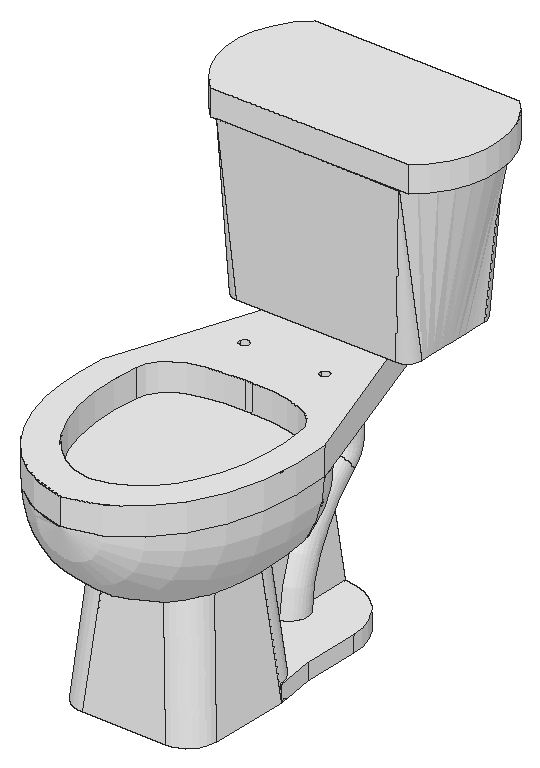
Revit family "toilet-floor_mount-zurn-z5551-k", category Plumbing Fixtures, host Face, Revit 2022
Family settings
  Host = Face
  Round Connector Dimension = Use Radius
  Part Type = Normal
  OmniClass Number = 23.45.05.21.11.11
  OmniClass Title = Water Operated Water Closets
  Cut with Voids When Loaded = No
  Maintain Annotation Orientation = No
  Shared = No
  Room Calculation Point = No
Parameters (values of type "Z5551-K (Elongated, Siphon Jet Toilet)")
  Width of Tank = 18.000"  # constant formula
  Width of Bowl = 14.750"  # constant formula
  Width of ( Bowl + Tank) = 29.063"  # constant formula
  Water Sense Compliance = 1 = 0  # no
  Waste Connection = 1 = 1  # yes
  WFU = 0  # constant formula
  Vent Connection = 1 = 0  # no
  URL = "https://www.zurn.com/"
  Shipping Weight (lbs) = 92  # constant formula
  Repair Parts URL = "https://files.zurn.com/care-cleaning-install-warranty-sheets/cbf23.pdf#page=3"
  Product data URL = "https://www.bimobject.com/zurnindustries/product/Z5551-K"
  Product Page URL = "https://www.zurn.com/products/finish-plumbing/fixtures/water-closets/z5551-k"
  Product Installation Sheet URL = "https://files.zurn.com/care-cleaning-install-warranty-sheets/cbf23.pdf"
  Product Documentation Link = "https://files.zurn.com/spec-sheets/ss-z5551-k.pdf"
  Sanitary Outlet  Pipe Radius (inch) = 1.500"
  Modified Date = "01/09/2026"  # constant formula
  Model = "Z5551-K"  # constant formula
  Manufacturer Brand = "Zurn"  # constant formula
  Manufacturer = "Zurn Water, LLC"  # constant formula
  Main Material = Vitreous China - Zurn - White
  Length of Tank = 8.500"  # constant formula
  Height of Tank = 13.406"  # constant formula
  Height of Bowl = 16.719"  # constant formula
  Height of ( Bowl + Tank) = 30.125"  # constant formula
  HWFU = 0  # constant formula
  HW Connection = 1 = 0  # no
  Flush Rate (GPF) = "1.6"  # constant formula
  Fixture Mounting Method = "Floor Mounted"  # constant formula
  Description = "1.6 gpf  ADA Height, Elongated, Elongated Jet Toilet "  # constant formula
  Default Elevation = 48.000"
  Date Created = "01/09/2026"  # constant formula
  CWFU = 0  # constant formula
  CW Connection = 1 = 0  # no
  Assembly Code = "D2010.60"
  ADA Compliance = 1 = 1  # yes
Reference planes (in)
  plane 1 "Center (Front/Back)": y = 0
  plane 2: z = 0
  plane 3 "Center (Left/Right)": x = 0
  plane 4: x = -9
  plane 5: x = 9
  plane 6: y = 10.5
  plane 7: y = 2
  plane 8: z = 16.71875
  plane 9: z = 30.125
  plane 10: x = -7.375
  plane 11: x = 7.375
  plane 12: y = -18.563
Dimensions and locks (in)
  equal spacing: plane 4, plane 3 "Center (Left/Right)", plane 5, locked at 9 each
  "Width of Tank": plane 4 to plane 5
  locked: plane 7 to plane 1 "Center (Front/Back)" at 2
  "Length of Tank": plane 6 to plane 7
  locked: plane 8 to level at 16.71875
  plane 9 to level = 30.125"
  locked: plane 9 to plane 8 at 13.40625
  equal spacing: plane 10, plane 3 "Center (Left/Right)", plane 11
  "Width of Bowl": plane 10 to plane 11
  "Width of ( Bowl + Tank)": plane 12 to plane 6
  plane 3 "Center (Left/Right)" to plane 5 = 9.000"
  aligned and locked: plane 2 to host face
  aligned and locked: plane 3 "Center (Left/Right)" to nested 1
  aligned and locked: plane 1 "Center (Front/Back)" to nested 1
  aligned and locked: level to host face
Automatic sketch dimensions
  host sketch curve to host sketch curve = 49.00546"
  host sketch curve to host sketch curve = 84.57819"
Nested families (in)
  nested 1: "Z5551-K" at (0, 0, 0), type "Z5551-K"
Connectors (in)
  piping at (0, 0, 0), diameter 3, driven by "Sanitary Outlet  Pipe Radius (inch)", driven by "Waste Connection"
    settings: on nested 1, index 1, connector inside diameter 24", connector length 0.000", flow factor 0, pipe flow 0 GPM, pressure drop 0.00 psi, fitting loss kfactor 0, connector angle 0.00°, fixture units 0, engagement length 0.000", angle of deflection 0.00°, flow configuration 0, flow direction 2, fitting loss method 0, system type 16, joint type 0, gender type 0, connector reference index -1, connector utility 1, adjustable connector no, is connector primary yes, connector description "Water Closet Outlet"
Definition of nested family "Z5551-K"
  Parameters (values of type "Z5551-K")
    Material = none
    Default Elevation = 48.000"
  Reference planes (in)
    plane 1 "Center (Front/Back)": y = 0
    plane 2: z = 0
    plane 3 "Center (Left/Right)": x = 0
    plane 4: z = 30.125
    plane 5: z = 16.71875
    plane 6: z = 16.96875
  Forms (in)
    Blend 1, solid, material <- "Material", detail levels fine
      base sketch origin (0, 0, 0) x (1, 0, 0) y (0, 1, 0)
        loop
          arc (2.84867, -14.12835) -> (4.23654, -13.55347) -> (4.81142, -12.1656) r 1.96275
          line (4.81142, -12.1656) -> (4.81142, -6.65198)
          arc (4.81142, -6.65198) -> (4.22564, -5.23776) -> (2.81142, -4.65197) r 2
          line (2.81142, -4.65197) -> (-2.81142, -4.65197)
          arc (-2.81142, -4.65197) -> (-4.22563, -5.23776) -> (-4.81142, -6.65197) r 2
          line (-4.81142, -6.65197) -> (-4.81142, -12.16476)
          arc (-4.81142, -12.16476) -> (-4.23684, -13.55317) -> (-2.84867, -14.12835) r 1.96275
          line (-2.84867, -14.12835) -> (2.84867, -14.12835)
      top sketch origin (0, 0, 0) x (1, 0, 0) y (0, 1, 0)
        loop
          line (1.81142, -5.65197) -> (-2.81142, -5.65197)
          arc (-2.81142, -5.65197) -> (-3.51852, -5.94487) -> (-3.81142, -6.65197) r 1
          line (-3.81142, -6.65197) -> (-3.81142, -11.1656)
          arc (-3.81142, -11.1656) -> (-3.23654, -12.55347) -> (-1.84867, -13.12835) r 1.96275
          line (-1.84867, -13.12835) -> (1.84867, -13.12835)
          arc (1.84867, -13.12835) -> (3.23654, -12.55347) -> (3.81142, -11.1656) r 1.96275
          line (3.81142, -11.1656) -> (3.81142, -7.65198)
          arc (3.81142, -7.65198) -> (3.22564, -6.23776) -> (1.81142, -5.65197) r 2
      from 0 to 11.0774
    Extrusion 2, solid, material <- "Material", detail levels fine
      sketch origin (0, 0, 0) x (1, 0, 0) y (0, 1, 0)
        loop
          arc (4.45589, 0) -> (0, 4.45589) -> (-4.45589, 0) r 4.45589
          line (-4.45589, 0) -> (-4.45589, -3.90354) -> (-4.81142, -6.65198) -> (4.81142, -6.65198) -> (4.45589, -3.90354) -> (4.45589, 0)
      from 0 to 1.10198
    Extrusion 3, solid, material <- "Material", detail levels fine
      sketch origin (0, 0, 0) x (0, 1, 0) y (0, 0, 1)
        loop
          line (4.45589, 0.65787) -> (4.45589, 1.10198) -> (3.37906, 6.64179) -> (8.26626, 15.10667) -> (8.26626, 15.95744) -> (-2.35666, 15.95744) -> (-5.51195, 7.6022) -> (-5.14801, 0.65787) -> (4.45589, 0.65787)
      from -0.31496 to 0.31496
    Sweep 4, solid, material <- "Material", detail levels fine
      path origin (0, 0, 0) x (0, 1, 0) y (0, 0, 1)
        loop
          arc (-0.00732, 0.46697) -> (0.96381, 5.06054) -> (3.85339, 8.76111) r 10.41718
          arc (3.85339, 8.76111) -> (3.98498, 11.28445) -> (1.46182, 11.14952) r 1.69943
          arc (1.46182, 11.14952) -> (-1.77644, 8.45018) -> (-5.80209, 7.19841) r 10.78539
      profile origin (0, 0.96381, 5.06054) x (0, -0.906597, 0.421998) y (1, 0, 0)
        loop
          circle (0, 0) r 1.25
    Extrusion 5, solid, material <- "Material", detail levels fine
      sketch origin (0, 0, 0) x (1, 0, 0) y (0, 1, 0)
        loop
          spline (0, -19.65419) -> (1.43121, -19.30258) -> (2.70592, -18.74099) -> (3.82774, -17.99153) -> (4.80028, -17.0763) -> (5.62717, -16.01739) -> (6.31199, -14.83689) -> (6.85838, -13.55691) -> (7.26994, -12.19954) -> (7.55028, -10.78689) -> (7.70302, -9.34103) -> (7.73177, -7.88408) -> (7.64013, -6.43813)
          line (7.64013, -6.43813) -> (2.838, 7.50827)
          arc (2.838, 7.50827) -> (0, 9.53259) -> (-2.838, 7.50827) r 3.00153
          line (-2.838, 7.50827) -> (-7.64013, -6.43813)
          spline (-7.64013, -6.43813) -> (-7.73177, -7.88408) -> (-7.70302, -9.34103) -> (-7.55028, -10.78689) -> (-7.26994, -12.19954) -> (-6.85838, -13.55691) -> (-6.31199, -14.83689) -> (-5.62717, -16.01739) -> (-4.80028, -17.0763) -> (-3.82774, -17.99153) -> (-2.70592, -18.74099) -> (-1.43121, -19.30258) -> (0, -19.65419)
        loop
          circle (-2.77021, -0.34962) r 0.3366
        loop
          circle (2.74402, -0.32635) r 0.31343
      from 14.82283 to 16.71875
    Revolve 6, solid, material <- "Material", detail levels fine
      sketch origin (0, 0, 14.82283) x (1, 0, 0) y (0, 1, 0)
        loop
          spline (0, -19.65419) -> (1.43121, -19.30258) -> (2.70592, -18.74099) -> (3.82774, -17.99153) -> (4.80028, -17.0763) -> (5.62717, -16.01739) -> (6.31199, -14.83689) -> (6.85838, -13.55691) -> (7.26994, -12.19954) -> (7.55028, -10.78689) -> (7.70302, -9.34103) -> (7.73177, -7.88408) -> (7.64013, -6.43813)
          spline (7.64013, -6.43813) -> (7.47588, -5.83375) -> (7.22573, -5.28193) -> (6.88969, -4.78266) -> (6.46775, -4.33594) -> (5.95992, -3.94178) -> (5.36619, -3.60018) -> (4.68656, -3.31113) -> (3.92104, -3.07463) -> (3.06962, -2.89069) -> (2.13231, -2.7593) -> (1.1091, -2.68047) -> (0, -2.65419)
          line (0, -2.65419) -> (0, -19.65419)
        axis (0, -19.65419) -> (0, -2.65419)
      angle from 0 to 180
    Extrusion 7, solid, material <- "Material", detail levels fine
      sketch origin (0, 0, 14.82283) x (0, 1, 0) y (1, 0, 0)
        loop
          line (3.52452, -4.20971) -> (7.50827, -2.838)
          arc (7.50827, -2.838) -> (9.53259, 0) -> (7.50827, 2.838) r 3.00153
          line (7.50827, 2.838) -> (3.52452, 4.20971) -> (3.52452, -4.20971)
      from -1.89592 to -2.14592
    Extrusion 8, void
      sketch origin (0, 0, 0) x (1, 0, 0) y (0, 1, 0)
        loop
          spline (-5.66875, -6.11508) -> (-5.77213, -7.41621) -> (-5.76755, -8.72559) -> (-5.6524, -10.01683) -> (-5.42596, -11.26304) -> (-5.09112, -12.43664) -> (-4.65356, -13.5111) -> (-4.11902, -14.46869) -> (-3.49546, -15.29552) -> (-2.7879, -15.98338) -> (-1.98513, -16.53916) -> (-1.06921, -16.96) -> (0, -17.24063)
          spline (0, -17.24063) -> (1.06921, -16.96) -> (1.98513, -16.53916) -> (2.7879, -15.98338) -> (3.49546, -15.29552) -> (4.11902, -14.46869) -> (4.65356, -13.5111) -> (5.09112, -12.43664) -> (5.42596, -11.26304) -> (5.6524, -10.01683) -> (5.76755, -8.72559) -> (5.77213, -7.41621) -> (5.66875, -6.11508)
          spline (5.66875, -6.11508) -> (5.59678, -5.70378) -> (5.45588, -5.32726) -> (5.24605, -4.98553) -> (4.96729, -4.6786) -> (4.61961, -4.40645) -> (4.20299, -4.16908) -> (3.71744, -3.96651) -> (3.16297, -3.79873) -> (2.53957, -3.66573) -> (1.84723, -3.56753) -> (1.08597, -3.50411) -> (0.25578, -3.47548)
          line (0.25578, -3.47548) -> (-0.25578, -3.47548)
          spline (-0.25578, -3.47548) -> (-1.08597, -3.50411) -> (-1.84723, -3.56753) -> (-2.53957, -3.66573) -> (-3.16297, -3.79873) -> (-3.71744, -3.96651) -> (-4.20299, -4.16908) -> (-4.61961, -4.40645) -> (-4.96729, -4.6786) -> (-5.24605, -4.98553) -> (-5.45588, -5.32726) -> (-5.59678, -5.70378) -> (-5.66875, -6.11508)
      from 14.82283 to 20.15795
    Extrusion 9, void
      sketch origin (0, 0, 0) x (1, 0, 0) y (0, 1, 0)
        loop
          circle (0, 6.489) r 1.25
      from 15.29183 to 17.48496
    Extrusion 10, solid, material <- "Material", detail levels coarse+medium
      sketch origin (0, 0, 14.82283) x (0, 1, 0) y (1, 0, 0)
        loop
          line (-6.1748, 7.71894) -> (-11.90198, 7.71894)
          arc (-11.90198, 7.71894) -> (-17.37106, 5.45999) -> (-19.65191, 0) r 7.75
          arc (-19.65191, 0) -> (-17.37106, -5.45999) -> (-11.90198, -7.71894) r 7.75
          line (-11.90198, -7.71894) -> (-6.1748, -7.71894) -> (7.53948, -2.82706)
          arc (7.53948, -2.82706) -> (9.53259, 0) -> (7.53948, 2.82706) r 3.00153
          line (7.53948, 2.82706) -> (-6.1748, 7.71894)
      from -1.89592 to 14.82283
    Extrusion 11, void
      sketch origin (0, 0, 0) x (1, 0, 0) y (0, 1, 0)
        loop
          circle (0, 0) r 1.25977
      from 0 to 1.10198
  Cuts and joins
    Extrusion 8, Extrusion 11 cuts Blend 1
    Extrusion 8, Extrusion 11 cuts Extrusion 2
    Extrusion 8, Extrusion 11 cuts Extrusion 3
    Extrusion 8, Extrusion 11 cuts Sweep 4
    Extrusion 8, Extrusion 9, Extrusion 11 cuts Extrusion 5
    Extrusion 8, Extrusion 11 cuts Revolve 6
    Extrusion 8, Extrusion 9, Extrusion 11 cuts Extrusion 7
    joined: Blend 1, Extrusion 2, Extrusion 3, Sweep 4, Extrusion 5, Revolve 6, Extrusion 7
    Extrusion 8 cuts Extrusion 10
  Lines and regions (in)
    Masking region 1
      outline origin (0, 0, 0) x (1, 0, 0) y (0, 1, 0)
        loop
          spline (-6.68028, -14.03823) -> (-6.36618, -14.74153) -> (-6.00902, -15.42493) -> (-5.60851, -16.08342) -> (-5.16378, -16.71313) -> (-4.67455, -17.30892) -> (-4.13971, -17.8642) -> (-3.55701, -18.36884) -> (-2.9246, -18.81064) -> (-2.24479, -19.17382) -> (-1.52172, -19.44405) -> (-0.76925, -19.61221) -> (0, -19.67078)
          spline (0, -19.67078) -> (0.76925, -19.61221) -> (1.52172, -19.44405) -> (2.24479, -19.17382) -> (2.9246, -18.81064) -> (3.55701, -18.36884) -> (4.13971, -17.8642) -> (4.67455, -17.30892) -> (5.16378, -16.71313) -> (5.60851, -16.08342) -> (6.00902, -15.42493) -> (6.36618, -14.74153) -> (6.68028, -14.03823)
          spline (6.68028, -14.03823) -> (6.91714, -13.41949) -> (7.12367, -12.78952) -> (7.29974, -12.1507) -> (7.44538, -11.50442) -> (7.56078, -10.85156) -> (7.64583, -10.19427) -> (7.70061, -9.53406) -> (7.72545, -8.87153) -> (7.72029, -8.20868) -> (7.68493, -7.54722) -> (7.61889, -6.88781) -> (7.5219, -6.23262)
          line (7.5219, -6.23262) -> (7.4191, -5.7962) -> (4.8026, 1.80265) -> (6.805, 1.80265)
          arc (6.805, 1.80265) -> (8.99835, 6.37341) -> (7.02341, 11.04271) r 6.16451
          line (7.02341, 11.04271) -> (-7.02183, 11.04271)
          arc (-7.02183, 11.04271) -> (-8.99835, 6.37338) -> (-6.80341, 1.80265) r 6.16142
          line (-6.80341, 1.80265) -> (-4.8026, 1.80265) -> (-7.4191, -5.7962) -> (-7.5219, -6.23262)
          spline (-7.5219, -6.23262) -> (-7.61889, -6.88781) -> (-7.68493, -7.54722) -> (-7.72029, -8.20868) -> (-7.72545, -8.87153) -> (-7.70061, -9.53406) -> (-7.64583, -10.19427) -> (-7.56078, -10.85156) -> (-7.44538, -11.50442) -> (-7.29974, -12.1507) -> (-7.12367, -12.78952) -> (-6.91714, -13.41949) -> (-6.68028, -14.03823)
    symbolic lines, detail levels fine
      curve 1: line (4.60622, -13.27749, 0) -> (-5.27675, -6.2357, 0)
      curve 2: line (-5.27674, -6.23567, 0) -> (4.60602, -13.27734, 0)
      curve 3: line (-0.81331, -7.01843, 0) -> (-0.71544, -7.29079, 0)
      curve 4: line (0, -5.11053, 0) -> (-0.81331, -7.01843, 0)
      curve 5: line (-0.71544, -7.29079, 0) -> (0.71544, -7.29079, 0)
      curve 6: line (0.81331, -7.01843, 0) -> (0.71544, -7.29079, 0)
      curve 7: line (0, -5.11053, 0) -> (0.81331, -7.01843, 0)
      curve 8: circle (2.75592, -0.32766, 0) r 0.31496 normal (0, 0, 1)
      curve 9: circle (-2.7559, -0.32766, 0) r 0.31496 normal (0, 0, 1)
  Dimensions and locks (in)
    Blend 1 sketch curve to plane 3 "Center (Left/Right)" to Blend 1 sketch curve = 4.81142", 4.81142"
    Blend 1 sketch curve to Blend 1 sketch curve = 9.62283"
    plane 4 to level = 30.125"  (x2)
    cut or joined group 1 (Blend 1, Extrusion 2, Extrusion 3, Sweep 4, Extrusion 5, Revolve 6, Extrusion 7, Extrusion 8, Extrusion 9, Extrusion 11) to level = 16.71875"
    plane 5 to level = 16.71875"
    plane 6 to cut or joined group 1 = 0.250"
    nested 1 to level = 28.32154"
    aligned and locked: plane 2 to level
    aligned and locked: Masking region 1 sketch curve to nested 1  (x4)
    aligned and locked: cut or joined group 1 to Masking region 1 sketch curve  (x2)
    aligned and locked: nested 1 to Masking region 1 sketch curve
    aligned and locked: plane 5 to Extrusion 5
    aligned and locked: plane 6 to Extrusion 7
    aligned and locked: plane 4 to nested 1
    aligned and locked: Extrusion 10 to cut or joined group 1
  Nested families (in)
    nested 1: "Z5551-TNK" at (0, 6.489, 16.96875) x (-1, 0, 0) z (0, 0, 1), type "Z5551-TNK"
  Definition of nested family "Z5551-TNK"
    Parameters (values of type "Z5551-TNK")
      Width of Tank = 18.000"
      Material = none
      Default Elevation = 0.000"
    Reference planes (in)
      plane 1 "Center (Front/Back)": y = 0
      plane 2: z = 0
      plane 3 "Center (Left/Right)": x = 0
      plane 4: x = -9
      plane 5: x = 9
      plane 6: z = 13.15625
      plane 7: z = 11.35279
    Forms (in)
      Blend 1, solid, material <- "Material"
        base sketch origin (0, 0, 0) x (1, 0, 0) y (0, 1, 0)
          loop
            arc (5.75, -3.66717) -> (6.45711, -3.37428) -> (6.75, -2.66717) r 1
            line (6.75, -2.66717) -> (6.75, 2.7476)
            arc (6.75, 2.7476) -> (6.45711, 3.45471) -> (5.75, 3.7476) r 1
            line (5.75, 3.7476) -> (-5.13775, 3.7476)
            arc (-5.13775, 3.7476) -> (-5.84486, 3.45471) -> (-6.13775, 2.7476) r 1
            line (-6.13775, 2.7476) -> (-6.13775, -2.66717)
            arc (-6.13775, -2.66717) -> (-5.84486, -3.37428) -> (-5.13775, -3.66717) r 1
            line (-5.13775, -3.66717) -> (5.75, -3.66717)
        top sketch origin (0, 0, 0) x (1, 0, 0) y (0, 1, 0)
          loop
            line (6.36225, 4.68635) -> (-6.13775, 4.68635)
            arc (-6.13775, 4.68635) -> (-8.56662, 0.06632) -> (-6.13775, -4.55371) r 5.60839
            line (-6.13775, -4.55371) -> (6.36225, -4.55371)
            arc (6.36225, -4.55371) -> (8.61427, 0.06632) -> (6.36225, 4.68635) r 5.865
        from 0 to 11.35279
      Extrusion 2, solid, material <- "Material", detail levels fine
        sketch origin (0, 0, 0) x (1, 0, 0) y (0, 1, 0)
          loop
            arc (-6.805, 4.68635) -> (-8.99835, 0.11558) -> (-7.02341, -4.55371) r 6.16451
            line (-7.02341, -4.55371) -> (7.02183, -4.55371)
            arc (7.02183, -4.55371) -> (8.99835, 0.11562) -> (6.80341, 4.68635) r 6.16142
            line (6.80341, 4.68635) -> (-6.805, 4.68635)
        from 11.35279 to 13.15625
      Extrusion 3, void
        sketch origin (0, 0, 0) x (-1, 0, 0) y (0, -1, 0)
          loop
            circle (-5.78323, 2.05488) r 0.55118
        from -0.44413 to 1.40725
    Cuts and joins
      Extrusion 3 cuts Blend 1
    Dimensions and locks (in)
      plane 4 to plane 3 "Center (Left/Right)" to plane 5 = 9.000", 9.000"
      "Width of Tank": plane 4 to plane 5
      level to plane 6 = 13.15625"
      plane 6 to plane 7 = 1.80346"
      plane 6 to level = 13.15625"
      plane 3 "Center (Left/Right)" to Blend 1 sketch curve = 6.750"
      aligned and locked: plane 2 to level
      aligned and locked: plane 7 to Extrusion 2
      aligned and locked: Extrusion 2 to Blend 1 sketch curve
      aligned and locked: plane 7 to cut or joined group of Blend 1, Extrusion 3
    Automatic sketch dimensions
      Blend 1 sketch curve to plane 1 "Center (Front/Back)" = 2.7476"
      Blend 1 sketch curve to plane 3 "Center (Left/Right)" = 6.13775"  (x2)
      Blend 1 sketch curve to Blend 1 sketch curve = 1.000"  (x3)
      plane 1 "Center (Front/Back)" to Blend 1 sketch curve = 2.66717"
      Blend 1 sketch curve to Blend 1 sketch curve = 0.000"
      plane 1 "Center (Front/Back)" to Extrusion 3 sketch curve = 2.05488"
      plane 3 "Center (Left/Right)" to Extrusion 3 sketch curve = 5.78323"
      plane 4 to Extrusion 2 sketch curve = 1.97659"
      plane 4 to Extrusion 2 sketch curve = 2.195"
      plane 1 "Center (Front/Back)" to Extrusion 2 sketch curve = 0.03009"
      Extrusion 2 sketch curve to plane 3 "Center (Left/Right)" = 2.83556"
      plane 1 "Center (Front/Back)" to Extrusion 2 sketch curve = 0.02998"
      plane 3 "Center (Left/Right)" to Extrusion 2 sketch curve = 2.83866"
      Extrusion 2 sketch curve to plane 5 = 2.19659"
      Extrusion 2 sketch curve to plane 5 = 1.97817"
      Blend 1 sketch curve to plane 1 "Center (Front/Back)" = 0.06632"  (x2)
      Blend 1 sketch curve to plane 3 "Center (Left/Right)" = 2.95823"
      plane 3 "Center (Left/Right)" to Blend 1 sketch curve = 2.74927"
      Blend 1 sketch curve to Blend 1 sketch curve = 3.61297"  (x2)
      radius of Extrusion 3 sketch curve = 0.55118"
